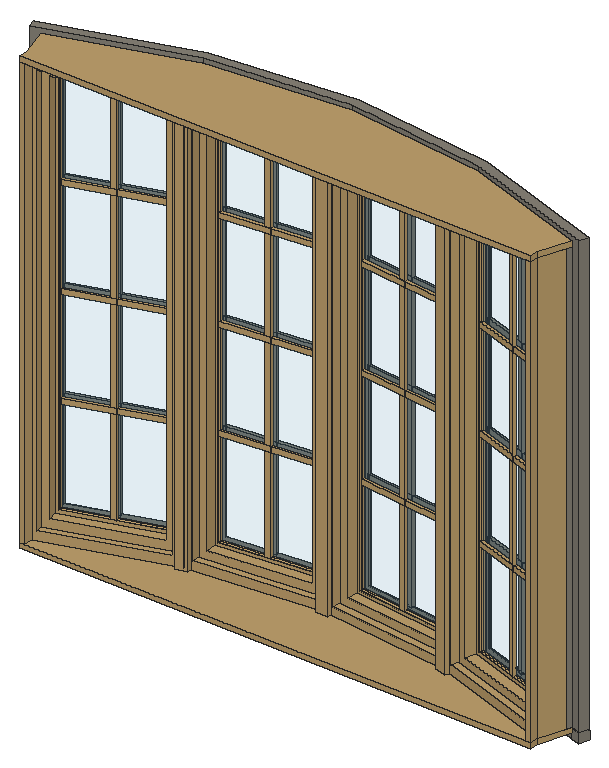
Revit family (continued)
Definition of nested family "Window-Casement-Marvin-Clad_Ultimate"
  Definition of nested family "Muntins"
    Dimensions and locks (in)
      aligned and locked: cut or joined group of Extrusion 7, Extrusion 8, Extrusion 9, Extrusion 10 to curve 10  (x2)
    Automatic sketch dimensions
      Extrusion 1 sketch curve to plane 4 = 0' - 0"
      Extrusion 1 sketch curve to plane 3 "Center (Left/Right)" = 0' - 0 3/8"
      Extrusion 2 sketch curve to plane 14 = 0' - 0"
      Extrusion 2 sketch curve to plane 5 = 0' - 0 3/8"
      Extrusion 7 sketch curve to plane 4 = 0' - 0"
      Extrusion 7 sketch curve to plane 19 = 0' - 0"
      Extrusion 8 sketch curve to plane 4 = 0' - 0"
      Extrusion 8 sketch curve to plane 20 = 0' - 0 3/4"
      Extrusion 9 sketch curve to plane 14 = 0' - 0"
      Extrusion 9 sketch curve to plane 17 = 0' - 0 3/4"
      Extrusion 10 sketch curve to plane 14 = 0' - 0"
      Extrusion 10 sketch curve to plane 18 = 0' - 0"
      plane 19 to curve 9 = 0' - 0 3/8"
      curve 10 to plane 20 = 0' - 0 3/8"
      plane 18 to curve 8 = 0' - 0 3/8"
      curve 7 to plane 17 = 0' - 0 3/8"
Definition of nested family "Label Annotation 1-16 w4"
  Parameters
    Nominal Width = 6' - 10.31403"
    Nominal Height = 5' - 0 1/2"
    Label = ""
    Egress Info = "EGRESS WDW"
    Description = "CSMT BAY"
  Reference planes (in)
    plane 1: y = 0
    plane 2: x = 0
  Text (in)
    label "Nominal Width X  Nominal Height\n\nDescription\n\nEgress Info" at (0.00375, -0.00345, 0), shows "Nominal Width", "Nominal Height", "Description", "Egress Info"
Definition of nested family "Bow_Section_Detail"
  Parameters (values of type "Casement_Section_Detail")
    Height = 4' - 11 1/8"
    Assembly Code = ""
  Reference planes (in)
    plane 1 "Center (Front/Back)": y = 0
    plane 2: z = 0
    plane 3 "Center (Left/Right)": x = 0
    plane 4: y = 59.125
  Lines and regions (in)
    detail lines, style "Cut Lines", in view "Ref. Level"
      curve 1: line (0.74875, 2.353, 0) -> (0.74875, 56.772, 0)
      curve 2: line (0.86675, 2.353, 0) -> (0.86675, 56.772, 0)
      curve 3: line (1.38075, 2.353, 0) -> (1.38075, 56.772, 0)
      curve 4: line (1.49875, 2.353, 0) -> (1.49875, 56.772, 0)
  Dimensions and locks (in)
    "Height": plane 4 to plane 1 "Center (Front/Back)"
    aligned and locked: plane 1 "Center (Front/Back)" to nested 1
    aligned and locked: plane 3 "Center (Left/Right)" to nested 1
    aligned and locked: nested 2 to plane 4
    aligned and locked: plane 3 "Center (Left/Right)" to nested 2
    aligned and locked: curve 1 to nested 1  (x2)
    aligned and locked: nested 1 to curve 2
    aligned and locked: curve 2 to nested 1
    aligned and locked: curve 3 to nested 1  (x2)
    aligned and locked: nested 1 to curve 4
    aligned and locked: curve 4 to nested 1
  Automatic sketch dimensions
    curve 3 to plane 4 = 0' - 2.353"
    curve 2 to curve 3 = 0' - 0"
    curve 4 to curve 3 = 0' - 0"
    curve 1 to curve 2 = 0' - 0"
  Nested families (in)
    nested 1: "Sill_Detail" at (0, 0, 0), type "Sill_Detail", in view "Ref. Level"
      with Screen no
    nested 2: "Head_Detail" at (0, 59.125, 0), type "Head_Detail", in view "Ref. Level"
      with Screen no
  Definition of nested family "Sill_Detail"
    Parameters (values of type "Jamb_Detail")
      Screen [instance] = yes
      Assembly Code = ""
    Reference planes (in)
      plane 1 "Center (Front/Back)": y = 0
      plane 2: z = 0
      plane 3 "Center (Left/Right)": x = 0
    Lines and regions (in)
      detail lines, style "Cut Lines", in view "Ref. Level"
        curve 1: line (4.56199, 0, 0) -> (4.56199, 1.188, 0)
        curve 2: line (-1.09401, 0, 0) -> (4.56199, 0, 0)
        curve 3: line (4.56199, 1.188, 0) -> (0.76198, 1.188, 0)
        curve 4: line (-1.09401, 0.52105, 0) -> (-1.09401, 0, 0)
        curve 5: line (0.56409, 0.637, 0) -> (-1.09401, 0.52105, 0)
        curve 6: line (0.56409, 0.637, 0) -> (1.98699, 0.637, 0)
        curve 7: line (3.46342, 1.188, 0) -> (3.46342, 2.115, 0)
        curve 8: line (3.46342, 2.115, 0) -> (2.86577, 2.115, 0)
        curve 9: line (2.86577, 2.30184, 0) -> (2.34399, 2.30184, 0)
        curve 10: line (2.34399, 2.489, 0) -> (1.98699, 2.489, 0)
        curve 11: line (2.86577, 2.115, 0) -> (2.86577, 2.30184, 0)
        curve 12: line (0.76198, 0.805, 0) -> (0.76198, 1.188, 0)
        curve 13: line (0.36599, 0.805, 0) -> (0.76198, 0.805, 0)
        curve 14: line (0.36599, 2.696, 0) -> (0.36599, 0.805, 0)
        curve 15: line (0.4846, 2.696, 0) -> (0.36599, 2.696, 0)
        curve 16: line (0.6846, 2.896, 0) -> (0.4846, 2.696, 0)
        curve 17: line (0.71396, 2.208, 0) -> (0.71396, 2.896, 0)
        curve 18: line (1.50299, 2.208, 0) -> (0.71396, 2.208, 0)
        curve 19: line (1.50299, 2.896, 0) -> (1.50299, 2.208, 0)
        curve 20: line (1.67399, 2.896, 0) -> (1.50299, 2.896, 0)
        curve 21: line (1.98699, 2.677, 0) -> (1.89299, 2.677, 0)
        curve 22: line (1.98699, 0.637, 0) -> (1.98699, 2.677, 0)
        curve 23: line (0.71396, 2.896, 0) -> (0.6846, 2.896, 0)
        curve 24: line (1.89299, 2.677, 0) -> (1.67399, 2.896, 0)
        curve 34: line (1.38075, 2.353, 0) -> (1.49875, 2.353, 0)
        curve 35: line (0.86675, 2.478, 0) -> (1.38075, 2.478, 0)
        curve 36: line (0.87375, 2.728, 0) -> (1.37375, 2.728, 0)
        curve 37: line (0.74875, 2.353, 0) -> (0.86675, 2.353, 0)
        curve 38: line (2.34399, 2.30184, 0) -> (2.34399, 2.489, 0)
      detail lines, style "Cut Lines", in view "Ref. Level", visible <- "Screen"
        curve 25: line (2.71899, 2.30184, 0) -> (2.71899, 2.98516, 0)
        curve 26: line (2.34399, 2.88116, 0) -> (2.34399, 2.30184, 0)
        curve 27: line (2.57074, 2.88116, 0) -> (2.34399, 2.88116, 0)
        curve 28: line (2.57074, 3.00316, 0) -> (2.57074, 2.88116, 0)
        curve 29: line (2.61899, 3.07516, 0) -> (2.36799, 3.07516, 0)
        curve 30: line (2.36799, 3.00316, 0) -> (2.57074, 3.00316, 0)
        curve 31: line (2.36799, 3.00316, 0) -> (2.36799, 3.07516, 0)
        curve 32: line (2.71899, 2.98516, 0) -> (2.61899, 2.98516, 0)
        curve 33: line (2.61899, 2.98516, 0) -> (2.61899, 3.07516, 0)
  Definition of nested family "Head_Detail"
    Parameters (values of type "Jamb_Detail")
      Screen [instance] = yes
      Assembly Code = ""
    Reference planes (in)
      plane 1 "Center (Front/Back)": y = 0
      plane 2: z = 0
      plane 3 "Center (Left/Right)": x = 0
    Lines and regions (in)
      detail lines, style "Cut Lines", in view "Ref. Level"
        curve 1: line (4.56199, 0, 0) -> (4.56199, -1.188, 0)
        curve 2: line (-1.09401, 0, 0) -> (4.56199, 0, 0)
        curve 3: line (4.56199, -1.188, 0) -> (0.76198, -1.188, 0)
        curve 4: line (-1.09401, -0.52105, 0) -> (-1.09401, 0, 0)
        curve 5: line (0.56409, -0.637, 0) -> (-1.09401, -0.52105, 0)
        curve 6: line (0.56409, -0.637, 0) -> (1.98699, -0.637, 0)
        curve 7: line (3.46342, -1.188, 0) -> (3.46342, -2.115, 0)
        curve 8: line (3.46342, -2.115, 0) -> (2.86577, -2.115, 0)
        curve 9: line (2.86577, -2.30184, 0) -> (2.34399, -2.30184, 0)
        curve 10: line (2.34399, -2.489, 0) -> (1.98699, -2.489, 0)
        curve 11: line (2.86577, -2.115, 0) -> (2.86577, -2.30184, 0)
        curve 12: line (0.76198, -0.805, 0) -> (0.76198, -1.188, 0)
        curve 13: line (0.36599, -0.805, 0) -> (0.76198, -0.805, 0)
        curve 14: line (0.36599, -2.696, 0) -> (0.36599, -0.805, 0)
        curve 15: line (0.4846, -2.696, 0) -> (0.36599, -2.696, 0)
        curve 16: line (0.6846, -2.896, 0) -> (0.4846, -2.696, 0)
        curve 17: line (0.71396, -2.208, 0) -> (0.71396, -2.896, 0)
        curve 18: line (1.50299, -2.208, 0) -> (0.71396, -2.208, 0)
        curve 19: line (1.50299, -2.896, 0) -> (1.50299, -2.208, 0)
        curve 20: line (1.67399, -2.896, 0) -> (1.50299, -2.896, 0)
        curve 21: line (1.98699, -2.677, 0) -> (1.89299, -2.677, 0)
        curve 22: line (1.98699, -0.637, 0) -> (1.98699, -2.677, 0)
        curve 23: line (0.71396, -2.896, 0) -> (0.6846, -2.896, 0)
        curve 24: line (1.89299, -2.677, 0) -> (1.67399, -2.896, 0)
        curve 34: line (1.38075, -2.353, 0) -> (1.49875, -2.353, 0)
        curve 35: line (0.86675, -2.478, 0) -> (1.38075, -2.478, 0)
        curve 36: line (0.87375, -2.728, 0) -> (1.37375, -2.728, 0)
        curve 37: line (0.74875, -2.353, 0) -> (0.86675, -2.353, 0)
        curve 38: line (2.34399, -2.30184, 0) -> (2.34399, -2.489, 0)
      detail lines, style "Cut Lines", in view "Ref. Level", visible <- "Screen"
        curve 25: line (2.71899, -2.30184, 0) -> (2.71899, -2.98516, 0)
        curve 26: line (2.34399, -2.88116, 0) -> (2.34399, -2.30184, 0)
        curve 27: line (2.57074, -2.88116, 0) -> (2.34399, -2.88116, 0)
        curve 28: line (2.57074, -3.00316, 0) -> (2.57074, -2.88116, 0)
        curve 29: line (2.61899, -3.07516, 0) -> (2.36799, -3.07516, 0)
        curve 30: line (2.36799, -3.00316, 0) -> (2.57074, -3.00316, 0)
        curve 31: line (2.36799, -3.00316, 0) -> (2.36799, -3.07516, 0)
        curve 32: line (2.71899, -2.98516, 0) -> (2.61899, -2.98516, 0)
        curve 33: line (2.61899, -2.98516, 0) -> (2.61899, -3.07516, 0)
Definition of nested family "Bow_Plan_Detail"
  Parameters (values of type "Casement_Plan_Detail")
    Unit Width = 1' - 6"
    Flat Casing Visibility = no
    Casing Visibility = yes
    BMC Visibility = yes
    Assembly Code = ""
  Reference planes (in)
    plane 1 "Center (Front/Back)": y = 0
    plane 2: z = 0
    plane 3 "Center (Left/Right)": x = 0
  Lines and regions (in)
    reference lines, in view "Ref. Level"
      curve 1: line (-35.02041, 0, 0) -> (35.02041, 0, 0)
      curve 2: line (-35.02041, 0, 0) -> (-17.90139, 5.56231, 0)
      curve 3: line (-17.90139, 5.56231, 0) -> (0, 7.44382, 0)
      curve 4: line (35.02041, 0, 0) -> (17.90139, 5.56231, 0)
      curve 5: line (17.90139, 5.56231, 0) -> (0, 7.44382, 0)
    detail lines, style "Panel Cut", in view "Ref. Level", detail levels coarse+medium
      curve 6: line (-36.76821, 5.37918, 0) -> (-35.02041, 0, 0)
      curve 7: line (-35.02041, 0, 0) -> (-33.89056, 0.36711, 0)
      curve 8: line (-33.89056, 0.36711, 0) -> (-35.63836, 5.74629, 0)
      curve 9: line (-35.63836, 5.74629, 0) -> (-36.76821, 5.37918, 0)
      curve 10: line (-17.90139, 5.56231, 0) -> (-19.03125, 5.19519, 0)
      curve 11: line (-19.03125, 5.19519, 0) -> (-20.77905, 10.57437, 0)
      curve 12: line (-19.64919, 10.94148, 0) -> (-17.90139, 5.56231, 0)
      curve 13: line (-20.77905, 10.57437, 0) -> (-19.08382, 11.12518, 0)
      curve 14: line (-17.31112, 11.3115, 0) -> (-19.08382, 11.12518, 0)
      curve 15: line (-18.49261, 11.18732, 0) -> (-17.90139, 5.56231, 0)
      curve 16: line (-16.7199, 5.68649, 0) -> (-17.31112, 11.3115, 0)
      curve 17: line (-17.90139, 5.56231, 0) -> (-16.7199, 5.68649, 0)
      curve 18: line (-1.7727, 12.94465, 0) -> (0, 13.13097, 0)
      curve 19: line (-0.59121, 13.06883, 0) -> (0, 7.44382, 0)
      curve 20: line (0, 7.44382, 0) -> (-1.18149, 7.31964, 0)
      curve 21: line (-1.18149, 7.31964, 0) -> (-1.7727, 12.94465, 0)
      curve 22: line (1.7727, 12.94465, 0) -> (0, 13.13097, 0)
      curve 23: line (0.59121, 13.06883, 0) -> (0, 7.44382, 0)
      curve 24: line (0, 7.44382, 0) -> (1.18149, 7.31964, 0)
      curve 25: line (1.18149, 7.31964, 0) -> (1.7727, 12.94465, 0)
      curve 26: line (17.31112, 11.3115, 0) -> (19.08382, 11.12518, 0)
      curve 27: line (16.7199, 5.68649, 0) -> (17.31112, 11.3115, 0)
      curve 28: line (17.90139, 5.56231, 0) -> (16.7199, 5.68649, 0)
      curve 29: line (18.49261, 11.18732, 0) -> (17.90139, 5.56231, 0)
      curve 30: line (20.77905, 10.57437, 0) -> (19.08382, 11.12518, 0)
      curve 31: line (19.64919, 10.94148, 0) -> (17.90139, 5.56231, 0)
      curve 32: line (17.90139, 5.56231, 0) -> (19.03125, 5.19519, 0)
      curve 33: line (19.03125, 5.19519, 0) -> (20.77905, 10.57437, 0)
      curve 34: line (33.89056, 0.36711, 0) -> (35.63836, 5.74629, 0)
      curve 35: line (35.02041, 0, 0) -> (33.89056, 0.36711, 0)
      curve 36: line (36.76821, 5.37918, 0) -> (35.02041, 0, 0)
      curve 37: line (35.63836, 5.74629, 0) -> (36.76821, 5.37918, 0)
      curve 38: line (-33.56279, 4.88555, 0) -> (-35.18719, 4.35775, 0)
      curve 39: line (-34.68628, 2.81608, 0) -> (-33.06187, 3.34388, 0)
      curve 40: line (-33.06187, 3.34388, 0) -> (-33.56279, 4.88555, 0)
      curve 41: line (-21.45137, 7.11636, 0) -> (-21.95229, 8.65803, 0)
      curve 42: line (-19.82697, 7.64416, 0) -> (-21.45137, 7.11636, 0)
      curve 43: line (-21.95229, 8.65803, 0) -> (-20.32788, 9.18583, 0)
      curve 44: line (-15.45986, 10.03803, 0) -> (-17.1585, 9.8595, 0)
      curve 45: line (-15.29042, 8.42591, 0) -> (-15.45986, 10.03803, 0)
      curve 46: line (-16.98906, 8.24738, 0) -> (-15.29042, 8.42591, 0)
      curve 47: line (-3.1493, 9.702, 0) -> (-3.31874, 11.31412, 0)
      curve 48: line (-3.31874, 11.31412, 0) -> (-1.62009, 11.49265, 0)
      curve 49: line (-1.45065, 9.88053, 0) -> (-3.1493, 9.702, 0)
      curve 50: line (3.31874, 11.31412, 0) -> (1.62009, 11.49265, 0)
      curve 51: line (3.1493, 9.702, 0) -> (3.31874, 11.31412, 0)
      curve 52: line (1.45065, 9.88053, 0) -> (3.1493, 9.702, 0)
      curve 53: line (15.29042, 8.42591, 0) -> (15.45986, 10.03803, 0)
      curve 54: line (16.98906, 8.24738, 0) -> (15.29042, 8.42591, 0)
      curve 55: line (15.45986, 10.03803, 0) -> (17.1585, 9.8595, 0)
      curve 56: line (21.95229, 8.65803, 0) -> (20.32788, 9.18583, 0)
      curve 57: line (21.45137, 7.11636, 0) -> (21.95229, 8.65803, 0)
      curve 58: line (19.82697, 7.64416, 0) -> (21.45137, 7.11636, 0)
      curve 59: line (33.06187, 3.34388, 0) -> (33.56279, 4.88555, 0)
      curve 60: line (34.68628, 2.81608, 0) -> (33.06187, 3.34388, 0)
      curve 61: line (33.56279, 4.88555, 0) -> (35.18719, 4.35775, 0)
      curve 70: line (33.31233, 4.11472, 0) -> (21.70183, 7.88719, 0)
      curve 71: line (15.37514, 9.23197, 0) -> (3.23402, 10.50806, 0)
      curve 72: line (-3.23402, 10.50806, 0) -> (-15.37514, 9.23197, 0)
      curve 73: line (-33.31233, 4.11472, 0) -> (-21.70183, 7.88719, 0)
    detail lines, in view "Ref. Level", detail levels coarse+medium
      curve 62: line (-33.56279, 4.88555, 0) -> (-21.95229, 8.65803, 0)
      curve 63: line (-33.06187, 3.34388, 0) -> (-21.45137, 7.11636, 0)
      curve 64: line (-15.45986, 10.03803, 0) -> (-3.31874, 11.31412, 0)
      curve 65: line (-15.29042, 8.42591, 0) -> (-3.1493, 9.702, 0)
      curve 66: line (3.31874, 11.31412, 0) -> (15.45986, 10.03803, 0)
      curve 67: line (3.1493, 9.702, 0) -> (15.29042, 8.42591, 0)
      curve 68: line (21.95229, 8.65803, 0) -> (33.56279, 4.88555, 0)
      curve 69: line (21.45137, 7.11636, 0) -> (33.06187, 3.34388, 0)
    detail lines, style "Cut Lines", in view "Ref. Level", detail levels fine
      curve 74: line (-18.49261, 11.18732, 0) -> (-19.08382, 11.12518, 0)
      curve 75: line (-19.64919, 10.94148, 0) -> (-19.08382, 11.12518, 0)
      curve 76: line (-0.59121, 13.06883, 0) -> (0, 13.13097, 0)
      curve 77: line (0.59121, 13.06883, 0) -> (0, 13.13097, 0)
      curve 78: line (18.49261, 11.18732, 0) -> (19.08382, 11.12518, 0)
      curve 79: line (19.64919, 10.94148, 0) -> (19.08382, 11.12518, 0)
      curve 80: line (-33.96093, 4.35373, 0) -> (-21.31759, 8.4618, 0)
      curve 81: line (-33.92447, 4.2415, 0) -> (-21.28112, 8.34958, 0)
      curve 82: line (-33.76563, 3.75266, 0) -> (-21.12229, 7.86073, 0)
      curve 83: line (-33.72917, 3.64044, 0) -> (-21.08582, 7.74851, 0)
      curve 85: line (-2.7387, 10.99022, 0) -> (-15.95988, 9.60062, 0)
      curve 86: line (-2.72637, 10.87286, 0) -> (-15.94754, 9.48326, 0)
      curve 87: line (-2.67264, 10.36168, 0) -> (-15.89381, 8.97208, 0)
      curve 88: line (-2.66031, 10.24433, 0) -> (-15.88148, 8.85473, 0)
      curve 89: line (33.96093, 4.35373, 0) -> (21.31759, 8.4618, 0)
      curve 90: line (33.92447, 4.2415, 0) -> (21.28112, 8.34958, 0)
      curve 91: line (33.76563, 3.75266, 0) -> (21.12229, 7.86073, 0)
      curve 92: line (33.72917, 3.64044, 0) -> (21.08582, 7.74851, 0)
      curve 93: line (2.7387, 10.99022, 0) -> (15.95988, 9.60062, 0)
      curve 94: line (2.72637, 10.87286, 0) -> (15.94754, 9.48326, 0)
      curve 95: line (2.67264, 10.36168, 0) -> (15.89381, 8.97208, 0)
      curve 96: line (2.66031, 10.24433, 0) -> (15.88148, 8.85473, 0)
    detail lines, style "DetailComponentsHiddenLines", in view "Ref. Level", detail levels fine
      curve 84: line (-32.77375, 3.03689, 0) -> (-21.50403, 6.69865, 0)
  Dimensions and locks (in)
    equal spacing: curve 1, plane 3 "Center (Left/Right)", curve 1
    "Unit Width": curve 2 to curve 2
    "Unit Width": curve 3 to curve 3
    curve 4 to curve 4 = 1' - 6"
    "Unit Width": curve 5 to curve 5
    locked: curve 1 to curve 2 (angle 18.00°)
    locked: curve 2 to curve 3 (angle 168.00°)
    locked: curve 4 to curve 1 (angle 18.00°)
    locked: curve 5 to curve 4 (angle 168.00°)
    aligned and locked: plane 3 "Center (Left/Right)" to curve 3
    aligned and locked: nested 1 to curve 2  (x2)
    aligned and locked: nested 2 to curve 2  (x2)
    aligned and locked: nested 4 to curve 3  (x2)
    aligned and locked: nested 3 to curve 3  (x2)
    aligned and locked: nested 7 to curve 5  (x2)
    aligned and locked: nested 8 to curve 5  (x2)
    aligned and locked: nested 6 to curve 4  (x2)
    aligned and locked: nested 5 to curve 4  (x2)
    aligned and locked: nested 3 to nested 3
    aligned and locked: nested 4 to nested 4  (x2)
    aligned and locked: curve 6 to nested 1
    aligned and locked: curve 7 to nested 1
    aligned and locked: curve 8 to nested 1
    aligned and locked: curve 9 to nested 1
    aligned and locked: curve 10 to nested 2
    aligned and locked: curve 11 to nested 2
    aligned and locked: curve 12 to nested 2
    aligned and locked: curve 13 to nested 2
    aligned and locked: curve 14 to nested 4
    aligned and locked: curve 15 to nested 4
    aligned and locked: curve 16 to nested 4
    aligned and locked: curve 17 to nested 4
    aligned and locked: curve 18 to nested 3
    aligned and locked: curve 19 to nested 3
    aligned and locked: curve 20 to nested 3
    aligned and locked: curve 21 to nested 3
    aligned and locked: curve 22 to nested 7
    aligned and locked: curve 23 to nested 7
    aligned and locked: curve 24 to nested 7
    aligned and locked: curve 25 to nested 7
    aligned and locked: curve 26 to nested 8
    aligned and locked: curve 27 to nested 8
    aligned and locked: curve 28 to nested 8
    aligned and locked: curve 29 to nested 8
    aligned and locked: curve 30 to nested 6
    aligned and locked: curve 31 to nested 6
    aligned and locked: curve 32 to nested 6
    aligned and locked: curve 33 to nested 6
    aligned and locked: curve 34 to nested 5
    aligned and locked: curve 35 to nested 5
    aligned and locked: curve 36 to nested 5
    aligned and locked: curve 37 to nested 5
    aligned and locked: curve 38 to nested 1
    aligned and locked: nested 1 to curve 39
    aligned and locked: curve 40 to nested 1
    aligned and locked: curve 41 to nested 2
    aligned and locked: nested 2 to curve 42
    aligned and locked: curve 43 to nested 2
    aligned and locked: curve 44 to nested 4
    aligned and locked: curve 45 to nested 4
    aligned and locked: nested 4 to curve 46
    aligned and locked: curve 47 to nested 3
    aligned and locked: curve 48 to nested 3
    aligned and locked: nested 3 to curve 49
    aligned and locked: curve 50 to nested 7
    aligned and locked: curve 51 to nested 7
    aligned and locked: nested 7 to curve 52
    aligned and locked: curve 53 to nested 8
    aligned and locked: nested 8 to curve 54
    aligned and locked: curve 55 to nested 8
    aligned and locked: curve 56 to nested 6
    aligned and locked: curve 57 to nested 6
    aligned and locked: nested 6 to curve 58
    aligned and locked: curve 59 to nested 5
    aligned and locked: nested 5 to curve 60
    aligned and locked: curve 61 to nested 5
    aligned and locked: nested 4 to curve 74
    aligned and locked: nested 2 to curve 75
    aligned and locked: nested 3 to curve 76
    aligned and locked: nested 7 to curve 77
    aligned and locked: nested 8 to curve 78
    aligned and locked: nested 6 to curve 79
    aligned and locked: curve 80 to nested 1  (x2)
    aligned and locked: nested 1 to curve 81
    aligned and locked: curve 81 to nested 1
    aligned and locked: curve 82 to nested 1  (x2)
    aligned and locked: nested 1 to curve 83
    aligned and locked: curve 83 to nested 1
    aligned and locked: nested 1 to curve 84
    aligned and locked: curve 84 to nested 1
    aligned and locked: curve 80 to nested 2  (x2)
    aligned and locked: curve 81 to nested 2
    aligned and locked: curve 82 to nested 2  (x2)
    aligned and locked: curve 83 to nested 2
    aligned and locked: curve 84 to nested 2
    aligned and locked: nested 2 to curve 84
    aligned and locked: nested 2 to curve 81
    aligned and locked: nested 2 to curve 83
    aligned and locked: curve 85 to nested 4  (x2)
    aligned and locked: nested 4 to curve 86
    aligned and locked: nested 4 to curve 87
    aligned and locked: nested 4 to curve 88
    aligned and locked: curve 86 to nested 4
    aligned and locked: curve 87 to nested 4
    aligned and locked: curve 88 to nested 4
    aligned and locked: curve 85 to nested 3  (x2)
    aligned and locked: nested 3 to curve 86
    aligned and locked: nested 3 to curve 87
    aligned and locked: nested 3 to curve 88
    aligned and locked: curve 86 to nested 3
    aligned and locked: curve 87 to nested 3
    aligned and locked: curve 88 to nested 3
    aligned and locked: curve 93 to nested 7  (x2)
    aligned and locked: nested 7 to curve 94
    aligned and locked: nested 7 to curve 95
    aligned and locked: nested 7 to curve 96
    aligned and locked: curve 94 to nested 7
    aligned and locked: curve 95 to nested 7
    aligned and locked: curve 96 to nested 7
    aligned and locked: curve 93 to nested 8  (x2)
    aligned and locked: nested 8 to curve 94
    aligned and locked: nested 8 to curve 95
    aligned and locked: nested 8 to curve 96
    aligned and locked: curve 94 to nested 8
    aligned and locked: curve 95 to nested 8
    aligned and locked: curve 96 to nested 8
    aligned and locked: curve 89 to nested 6  (x2)
    aligned and locked: nested 6 to curve 90
    aligned and locked: nested 6 to curve 91
    aligned and locked: nested 6 to curve 92
    aligned and locked: curve 90 to nested 6
    aligned and locked: curve 91 to nested 6
    aligned and locked: curve 92 to nested 6
    aligned and locked: curve 89 to nested 5  (x2)
    aligned and locked: nested 5 to curve 90
    aligned and locked: nested 5 to curve 91
    aligned and locked: nested 5 to curve 92
    aligned and locked: curve 90 to nested 5
    aligned and locked: curve 91 to nested 5
    aligned and locked: curve 92 to nested 5
  Automatic sketch dimensions
    plane 1 "Center (Front/Back)" to curve 1 = 0' - 0"
    curve 73 to plane 1 "Center (Front/Back)" = 0' - 4.11472"
    curve 76 to curve 19 = 0' - 0"
    curve 77 to curve 23 = 0' - 0"
    curve 70 to curve 92 = 0' - 0.41684"
    curve 96 to curve 71 = 0' - 0.26373"
    curve 88 to curve 72 = 0' - 0.26373"
  Nested families (in)
    nested 1: "Jamb_Detail" at (-36.43014, 4.33871, 0) x (0.9511, 0.309, 0) z (0, 0, 1), type "Jamb_Detail", in view "Ref. Level", detail levels fine
    nested 2: "Jamb_Detail" at (-19.31113, 9.90102, 0) x (-0.9511, -0.309, 0) z (0, 0, 1), type "Jamb_Detail", in view "Ref. Level", detail levels fine
    nested 3: "Jamb_Detail" at (-0.47686, 11.98082, 0) x (-0.9945, -0.1045, 0) z (0, 0, 1), type "Jamb_Detail", in view "Ref. Level", detail levels fine
    nested 4: "Jamb_Detail" at (-18.37825, 10.09931, 0) x (0.9945, 0.1045, 0) z (0, 0, 1), type "Jamb_Detail", in view "Ref. Level", detail levels fine
    nested 5: "Jamb_Detail" at (36.43014, 4.33871, 0) x (-0.9511, 0.309, 0) z (0, 0, 1), type "Jamb_Detail", in view "Ref. Level", detail levels fine
    nested 6: "Jamb_Detail" at (19.31113, 9.90102, 0) x (0.9511, -0.309, 0) z (0, 0, 1), type "Jamb_Detail", in view "Ref. Level", detail levels fine
    nested 7: "Jamb_Detail" at (0.47686, 11.98082, 0) x (0.9945, -0.1045, 0) z (0, 0, 1), type "Jamb_Detail", in view "Ref. Level", detail levels fine
    nested 8: "Jamb_Detail" at (18.37825, 10.09931, 0) x (-0.9945, 0.1045, 0) z (0, 0, 1), type "Jamb_Detail", in view "Ref. Level", detail levels fine
  Definition of nested family "Jamb_Detail"
    Parameters (values of type "Jamb_Detail")
      Screen [instance] = yes
      Assembly Code = ""
    Reference planes (in)
      plane 1 "Center (Front/Back)": y = 0
      plane 2: z = 0
      plane 3 "Center (Left/Right)": x = 0
    Lines and regions (in)
      detail lines, style "Cut Lines", in view "Ref. Level"
        curve 1: line (0, 4.56199, 0) -> (1.188, 4.56199, 0)
        curve 2: line (0, -1.09401, 0) -> (0, 4.56199, 0)
        curve 3: line (1.188, 4.56199, 0) -> (1.188, 0.76198, 0)
        curve 4: line (0.52105, -1.09401, 0) -> (0, -1.09401, 0)
        curve 5: line (0.637, 0.56409, 0) -> (0.52105, -1.09401, 0)
        curve 6: line (0.637, 0.56409, 0) -> (0.637, 1.98699, 0)
        curve 7: line (1.188, 3.46342, 0) -> (2.115, 3.46342, 0)
        curve 8: line (2.115, 3.46342, 0) -> (2.115, 2.86577, 0)
        curve 9: line (2.30184, 2.86577, 0) -> (2.30184, 2.34399, 0)
        curve 10: line (2.489, 2.34399, 0) -> (2.489, 1.98699, 0)
        curve 11: line (2.115, 2.86577, 0) -> (2.30184, 2.86577, 0)
        curve 12: line (0.805, 0.76198, 0) -> (1.188, 0.76198, 0)
        curve 13: line (0.805, 0.36599, 0) -> (0.805, 0.76198, 0)
        curve 14: line (2.696, 0.36599, 0) -> (0.805, 0.36599, 0)
        curve 15: line (2.696, 0.4846, 0) -> (2.696, 0.36599, 0)
        curve 16: line (2.896, 0.6846, 0) -> (2.696, 0.4846, 0)
        curve 17: line (2.208, 0.71396, 0) -> (2.896, 0.71396, 0)
        curve 18: line (2.208, 1.50299, 0) -> (2.208, 0.71396, 0)
        curve 19: line (2.896, 1.50299, 0) -> (2.208, 1.50299, 0)
        curve 20: line (2.896, 1.67399, 0) -> (2.896, 1.50299, 0)
        curve 21: line (2.677, 1.98699, 0) -> (2.677, 1.89299, 0)
        curve 22: line (0.637, 1.98699, 0) -> (2.677, 1.98699, 0)
        curve 23: line (2.896, 0.71396, 0) -> (2.896, 0.6846, 0)
        curve 24: line (2.677, 1.89299, 0) -> (2.896, 1.67399, 0)
        curve 34: line (2.353, 1.38075, 0) -> (2.353, 1.49875, 0)
        curve 35: line (2.478, 0.86675, 0) -> (2.478, 1.38075, 0)
        curve 36: line (2.728, 0.87375, 0) -> (2.728, 1.37375, 0)
        curve 37: line (2.353, 0.74875, 0) -> (2.353, 0.86675, 0)
        curve 38: line (2.30184, 2.34399, 0) -> (2.489, 2.34399, 0)
      detail lines, style "Cut Lines", in view "Ref. Level", visible <- "Screen"
        curve 25: line (2.30184, 2.71899, 0) -> (2.98516, 2.71899, 0)
        curve 26: line (2.88116, 2.34399, 0) -> (2.30184, 2.34399, 0)
        curve 27: line (2.88116, 2.57074, 0) -> (2.88116, 2.34399, 0)
        curve 28: line (3.00316, 2.57074, 0) -> (2.88116, 2.57074, 0)
        curve 29: line (3.07516, 2.61899, 0) -> (3.07516, 2.36799, 0)
        curve 30: line (3.00316, 2.36799, 0) -> (3.00316, 2.57074, 0)
        curve 31: line (3.00316, 2.36799, 0) -> (3.07516, 2.36799, 0)
        curve 32: line (2.98516, 2.71899, 0) -> (2.98516, 2.61899, 0)
        curve 33: line (2.98516, 2.61899, 0) -> (3.07516, 2.61899, 0)
